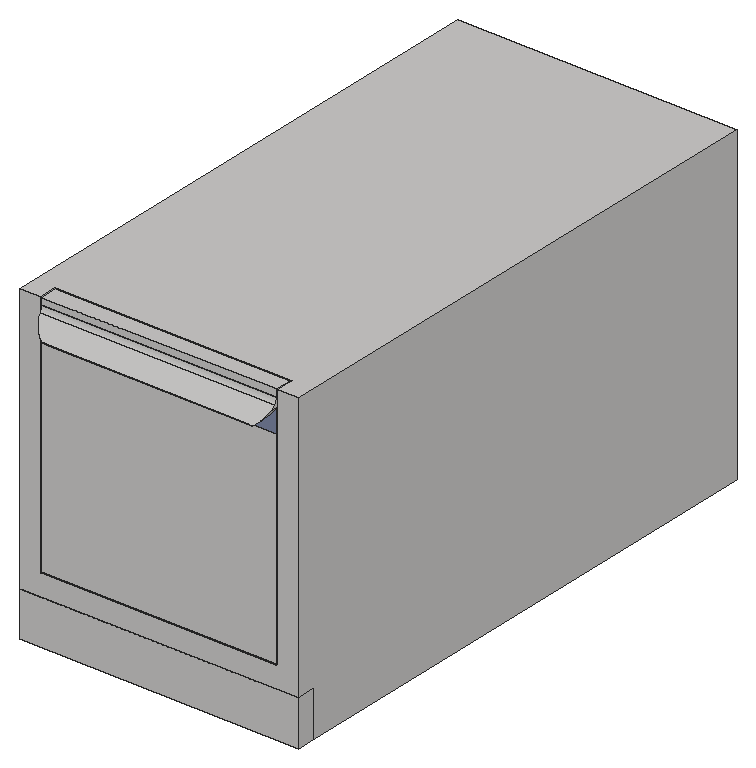
Revit family "QF_ELECTROLUXPROFESSIONAL_588644_MB1PCADOOO", category Attrezzature speciali, Revit 2020
Family settings
  Quota connettore circolare = Usa diametro
  Tipo di parte = Normale
  Basato su piano di lavoro = No
  Sempre verticale = Sì
  Taglio con vuoti quando caricato = No
  Condiviso = No
  Punto di calcolo locali = No
Parameters (values of type "Standard")
  Weight = 21.00 kg
  Watts = 0 W
  Volts = 0 V
  URL Manufacturer = "https://www.electroluxprofessional.com/"
  URL = "https://www.electroluxprofessional.com/"
  Steam Supply Size = 0"
  Steam Supply Minimum Pressure = 0.00 psi
  Steam Supply Maximum Pressure = 0.00 psi
  Steam Consumption per Hour = 0
  Refrigeration Suction Line Size = 0 mm
  Refrigeration Liquid Line Size = 0 mm
  Refrigerant Compressor Remote = yes
  Prospetto di default = 0 mm
  Phase = 0
  Modello = "MB1PCADOOO"
  Produttore = "Electrolux Professional"
  Length Actual = 400 mm  # constant formula
  Item Number = "588644"
  Hot Water Size = 0"
  Height Actual = 450 mm  # constant formula
  HP = "0 HP"
  Gas Size = 0"
  Gas KW = 0
  Gas Input Pressure = 0.0 Btu/h
  Direct Waste Size = 0"
  Descrizione = "CUPBOARD BASE,1 DOOR,1-SIDE,400X850X450H"
  Depth Actual = 850 mm  # constant formula
  Cycle = 0 Hz
  Condensate Return Size = 0"
  Compressed Air Volume = 0 GPM
  Compressed Air Size = 0"
  Compressed Air Pressure = 0.00 psi
  Cold Water Size = 0"
  Accessory = yes
Reference planes
  plane 1 "BACK": y = 0
  plane 2: z = 0
  plane 3 "LEFT": x = 0
  plane 4 "RIGHT": x = 400
  plane 5 "FRONT": y = -850
  plane 6 "PLAIN": z = 900
  plane 7 "Center (Left/Right)": x = 200
  plane 8 "Center (Front/Back)": y = -425
  plane 9 "TOP": z = 650
  plane 10 "BASE": z = 200
  plane 11: x = 322
  plane 12: x = 78
  plane 13 "Feet_back": y = -150
  plane 14 "Feet_Front": y = -720
  plane 15: x = 0
  plane 16: x = 400
  plane 17: z = 265
  plane 18: y = -45
  plane 19: y = -805
  plane 20: y = -70
  plane 21: y = -830
  plane 22 "ButtonZ": z = 590
Forms (mm)
  Extrusion 1, solid, material "QF_Finishes_Stainless Steel"
    sketch origin (0, 0, 650) x (0, 1, 0) y (0, 0, 1)
      loop
        line (-45, -450) -> (-45, 0) -> (-805, 0) -> (-805, -450) -> (-45, -450)
    from 0 to 400
  Extrusion 2, solid, material "QF_Finishes_Stainless Steel"
    sketch origin (0, 0, 650) x (0, 1, 0) y (0, 0, 1)
      loop
        line (-830, -450) -> (-805, -450) -> (-805, -385) -> (-830, -385) -> (-830, -450)
    from 0 to 400
  Extrusion 3, void
    sketch origin (0, -850, 0) x (1, 0, 0) y (0, 0, 1)
      loop
        line (0, 650) -> (0, 265) -> (400, 265) -> (400, 650) -> (0, 650)
    from 0 to -780
  Extrusion 4, solid, material "QF_Finishes_Stainless Steel"
    sketch origin (0, -850, 0) x (1, 0, 0) y (0, 0, 1)
      loop
        line (30, 650) -> (30, 627) -> (370, 627) -> (370, 650) -> (30, 650)
    from -45 to -805
  Extrusion 5, solid, material "QF_Finishes_Stainless Steel"
    sketch origin (0, -850, 0) x (1, 0, 0) y (0, 0, 1)
      loop
        line (0, 650) -> (0, 265) -> (400, 265) -> (400, 650) -> (370, 650) -> (370, 295) -> (30, 295) -> (30, 650) -> (0, 650)
    from -20 to -780
Cuts and joins
  Extrusion 3 cuts Extrusion 1
  joined: Extrusion 1, Extrusion 4, Extrusion 5
Lines and regions (mm)
  symbolic lines, style "SpecialityEquipmentHiddenLines"
    curve 1: line (0, 0, 0) -> (400, 0, 0)
    curve 2: line (0, -850, 0) -> (0, 0, 0)
    curve 3: line (400, -850, 0) -> (0, -850, 0)
    curve 4: line (400, 0, 0) -> (400, -850, 0)
Dimensions and locks
  plane 3 "LEFT" to plane 4 "RIGHT" = 400 mm
  plane 5 "FRONT" to plane 1 "BACK" = 850 mm
  equal spacing: plane 3 "LEFT", plane 7 "Center (Left/Right)", plane 4 "RIGHT"
  equal spacing: plane 5 "FRONT", plane 8 "Center (Front/Back)", plane 1 "BACK"
  plane 6 "PLAIN" to plane 9 "TOP" = 250 mm
  plane 10 "BASE" to level = 200 mm
  plane 9 "TOP" to plane 10 "BASE" = 450 mm
  locked: plane 1 "BACK" to plane 13 "Feet_back" at 150
  locked: plane 14 "Feet_Front" to plane 5 "FRONT" at 130
  locked: plane 12 to plane 3 "LEFT" at 78
  locked: plane 11 to plane 4 "RIGHT" at 78
  plane 16 to plane 15 = 400 mm
  equal spacing: plane 16, plane 7 "Center (Left/Right)", plane 15
  locked: plane 17 to plane 10 "BASE" at 65
  locked: plane 1 "BACK" to plane 18 at 45
  plane 9 "TOP" to Extrusion 4 sketch curve = 23 mm
  locked: Extrusion 4 sketch curve to plane 15 at 30
  locked: plane 16 to Extrusion 4 sketch curve at 30
  locked: Extrusion 5 sketch curve to plane 17 at 30
  plane 6 "PLAIN" to level = 900 mm
  Extrusion 5 to Extrusion 5 = 340 mm
  locked: plane 18 to plane 20 at 25
  locked: plane 21 to plane 5 "FRONT" at 20
  locked: plane 19 to plane 21 at 25
  plane 18 to plane 21 = 785 mm
  plane 22 "ButtonZ" to level = 590 mm
  aligned and locked: level to plane 2
  aligned and locked: Extrusion 1 to plane 4 "RIGHT"
  aligned and locked: Extrusion 1 to plane 3 "LEFT"
  aligned and locked: Extrusion 2 to plane 4 "RIGHT"
  aligned and locked: plane 9 "TOP" to Extrusion 3 sketch curve
  aligned and locked: Extrusion 3 sketch curve to plane 15
  aligned and locked: plane 16 to Extrusion 3 sketch curve
  aligned and locked: Extrusion 2 to plane 10 "BASE"
  aligned and locked: Extrusion 2 to plane 17
  aligned and locked: plane 17 to Extrusion 3 sketch curve
  aligned and locked: Extrusion 4 to plane 18
  aligned and locked: Extrusion 5 sketch curve to plane 15
  aligned and locked: plane 16 to Extrusion 5 sketch curve
  aligned and locked: plane 9 "TOP" to Extrusion 5 sketch curve  (x2)
  aligned and locked: plane 17 to Extrusion 5 sketch curve
  aligned and locked: Extrusion 5 sketch curve to Extrusion 4  (x2)
  aligned and locked: cut or joined group of Extrusion 1, Extrusion 3, Extrusion 4, Extrusion 5 to Extrusion 4
  aligned and locked: plane 7 "Center (Left/Right)" to nested 1
  aligned and locked: Extrusion 5 to plane 20
  aligned and locked: cut or joined group of Extrusion 1, Extrusion 3, Extrusion 4, Extrusion 5 to plane 20
  aligned and locked: cut or joined group of Extrusion 1, Extrusion 3, Extrusion 4, Extrusion 5 to plane 18
  aligned and locked: plane 19 to Extrusion 4
  aligned and locked: plane 21 to Extrusion 5
  aligned and locked: Extrusion 2 to plane 19
  aligned and locked: plane 21 to Extrusion 2
Automatic sketch dimensions
  Extrusion 1 sketch curve to plane 10 "BASE" = 0 mm
  Extrusion 1 sketch curve to plane 9 "TOP" = 0 mm
  plane 1 "BACK" to Extrusion 1 sketch curve = 45 mm
  Extrusion 1 sketch curve to plane 5 "FRONT" = 45 mm
  Extrusion 2 sketch curve to plane 5 "FRONT" = 20 mm
  Extrusion 2 sketch curve to plane 9 "TOP" = 385 mm
  plane 10 "BASE" to Extrusion 2 sketch curve = 0 mm
  Extrusion 2 sketch curve to plane 5 "FRONT" = 45 mm
  Extrusion 4 sketch curve to plane 9 "TOP" = 0 mm
  curve 3 to plane 3 "LEFT" = 0 mm
  curve 3 to plane 4 "RIGHT" = 0 mm
  plane 5 "FRONT" to curve 3 = 0 mm
  plane 1 "BACK" to curve 2 = 0 mm
Nested families
  nested 1: "H450_1DOOR" at (163.958, -805, 200) x (1, 0, 0) z (0, -1, 0), type "H450_1DOOR"
    with Width 340 mm, Show Clearance yes
Definition of nested family "H450_1DOOR"
  Parameters
    Width [instance] = 340 mm
    Show Clearance [instance] = yes
    Model = "727995"
    Height = 450 mm
    Default Elevation = 0 mm
  Reference planes
    plane 1 "Center (Front/Back)": y = 0
    plane 2: z = 0
    plane 3 "Center (Left/Right)": x = 36.042
    plane 4 "panel": z = 25
    plane 5: x = -133.958
    plane 6: x = 206.042
    plane 7: y = 450
    plane 8: z = 340
    plane 9: z = 45
    plane 10: x = -108.958
  Forms (mm)
    Extrusion 1, solid
      sketch origin (0, -919.2, 0) x (1, 0, 0) y (0, 1, 0)
        loop
          line (-980.5, 2119.2) -> (-980.5, -162.846) -> (881.94, -162.846) -> (881.94, 2119.2) -> (-980.5, 2119.2)
      from 0 to -59.546
    Extrusion 2, solid
      sketch origin (0, 0, 0) x (1, 0, 0) y (0, 1, 0)
        loop
          line (-131.958, 97) -> (204.042, 97) -> (204.042, 393) -> (-131.958, 393) -> (-131.958, 97)
      from 0 to 25
    Extrusion 3, solid
      sketch origin (0, 0, 0) x (1, 0, 0) y (0, 1, 0)
        loop
          line (-131.958, 393) -> (204.042, 393) -> (204.042, 440) -> (-131.958, 440) -> (-131.958, 393)
      from 0 to 25
    Extrusion 4, solid
      sketch origin (36.042, 0, 0) x (0, 1, 0) y (0, 0, 1)
        loop
          line (426.693, 25) -> (440.02, 25)
          arc (440.02, 25) -> (435.261, 25.775) -> (430.993, 28.02) r 15
          line (430.993, 28.02) -> (406.653, 46.362) -> (403.644, 42.369) -> (426.693, 25)
      from -168 to 168
    Extrusion 5, void
      sketch origin (72.084, 0, 0) x (-1, 0, 0) y (0, -1, 0)
        loop
          line (204.042, -426.693) -> (204.042, -403.644) -> (180.317, -403.644)
          arc (180.317, -403.644) -> (194.508, -412.772) -> (204.042, -426.693) r 42.603
      from 25 to 47.9
    Extrusion 6, solid
      sketch origin (0, 0, 0) x (1, 0, 0) y (0, 1, 0)
        loop
          line (-131.958, 440) -> (204.042, 440) -> (204.042, 450) -> (-131.958, 450) -> (-131.958, 440)
      from 0 to 25
    Extrusion 7, void
      sketch origin (0, 0, 0) x (1, 0, 0) y (0, 1, 0)
        loop
          arc (204.042, 426.693) -> (194.508, 412.772) -> (180.317, 403.644) r 42.603
          line (180.317, 403.644) -> (204.042, 403.644) -> (204.042, 426.693)
      from 25 to 47.9
    Extrusion 8, solid, detail levels coarse
      sketch origin (0, 0, 0) x (1, 0, 0) y (0, 0, 1)
        loop
          line (-133.958, 340) -> (-133.958, 25) -> (206.042, 25)
          arc (206.042, 25) -> (107.107, 241.065) -> (-108.958, 340) r 340.918
          line (-108.958, 340) -> (-133.958, 340)
      from -450 to -97
  Cuts and joins
    Extrusion 5, Extrusion 7 cuts Extrusion 4
    Extrusion 7 cuts Extrusion 3
  Lines and regions (mm)
    symbolic lines
      curve 1: line (-133.958, 0, 340) -> (-133.958, 0, 45)
      curve 2: arc (203.986, 0, 44.931) -> (99.919, 0, 248.045) -> (-108.958, 0, 340) r 340.918
      curve 3: line (-108.958, 0, 45) -> (-108.958, 0, 340)
      curve 4: line (-108.958, 0, 340) -> (-133.958, 0, 340)
  Dimensions and locks
    plane 4 "panel" to level = 25 mm
    "Width": plane 5 to plane 6
    equal spacing: plane 5, plane 3 "Center (Left/Right)", plane 6
    "Height": plane 1 "Center (Front/Back)" to plane 7
    locked: plane 5 to Extrusion 2 sketch curve at 2
    locked: plane 1 "Center (Front/Back)" to Extrusion 2 sketch curve at 97
    locked: plane 7 to Extrusion 2 sketch curve at 57
    Extrusion 3 sketch curve to Extrusion 2 = 47 mm
    locked: Extrusion 2 sketch curve to plane 6 at 2
    "Width": Extrusion 1 to plane 8
    locked: plane 10 to plane 5 at 25
    aligned and locked: plane 2 to Extrusion 1
    aligned and locked: level to Extrusion 1
    aligned and locked: plane 4 "panel" to Extrusion 2
    aligned and locked: plane 4 "panel" to Extrusion 3
    aligned and locked: Extrusion 4 to Extrusion 3
    aligned and locked: Extrusion 3 to Extrusion 4
    aligned and locked: Extrusion 3 to Extrusion 2
    aligned and locked: cut or joined group of Extrusion 4, Extrusion 5, Extrusion 7 to plane 4 "panel"
    aligned and locked: plane 7 to Extrusion 6 sketch curve
    aligned and locked: plane 4 "panel" to Extrusion 6
    aligned and locked: Extrusion 2 to Extrusion 6
    aligned and locked: Extrusion 7 sketch curve to Extrusion 2
    aligned and locked: Extrusion 2 to cut or joined group of Extrusion 4, Extrusion 5, Extrusion 7
    aligned and locked: plane 5 to Extrusion 8 sketch curve
    aligned and locked: plane 4 "panel" to Extrusion 8 sketch curve
    aligned and locked: plane 7 to Extrusion 8
    aligned and locked: Extrusion 2 to Extrusion 8
  Automatic sketch dimensions
    Extrusion 1 sketch curve to Extrusion 1 sketch curve = 1862.44 mm
    Extrusion 1 sketch curve to Extrusion 1 sketch curve = 2282.046 mm
    plane 5 to Extrusion 3 sketch curve = 2 mm
    Extrusion 3 sketch curve to plane 6 = 2 mm
    Extrusion 3 sketch curve to Extrusion 3 sketch curve = 47 mm
    Extrusion 4 sketch curve to plane 4 "panel" = 0 mm
    plane 4 "panel" to Extrusion 4 sketch curve = 17.369 mm
    Extrusion 4 sketch curve to plane 7 = 46.356 mm
    plane 4 "panel" to Extrusion 4 sketch curve = 21.362 mm
    Extrusion 4 sketch curve to Extrusion 4 sketch curve = 3.009 mm
    plane 4 "panel" to Extrusion 4 sketch curve = 3.02 mm
    Extrusion 4 sketch curve to Extrusion 4 sketch curve = 9.027 mm
    plane 7 to Extrusion 5 sketch curve = 6.671 mm
    Extrusion 5 sketch curve to plane 5 = 41.221 mm
    Extrusion 5 sketch curve to plane 5 = 25.725 mm
    Extrusion 5 sketch curve to plane 5 = 2 mm
    plane 7 to Extrusion 5 sketch curve = 23.307 mm
    plane 5 to Extrusion 6 sketch curve = 2 mm
    Extrusion 6 sketch curve to plane 6 = 2 mm
    Extrusion 6 sketch curve to plane 7 = 10 mm
    Extrusion 7 sketch curve to Extrusion 7 sketch curve = 23.725 mm
    Extrusion 7 sketch curve to plane 7 = 6.671 mm
    Extrusion 7 sketch curve to plane 6 = 41.221 mm
    Extrusion 7 sketch curve to plane 7 = 23.307 mm
    curve 4 to plane 5 = 0 mm
    curve 3 to plane 8 = 0 mm
    plane 10 to curve 4 = 0 mm
    curve 2 to level = 0 mm
    curve 1 to plane 9 = 0 mm
    curve 3 to plane 9 = 0 mm
    curve 2 to plane 9 = 0.069 mm
    curve 2 to plane 5 = 0 mm
    Extrusion 8 sketch curve to level = 0 mm
    Extrusion 8 sketch curve to plane 5 = 0 mm
    Extrusion 8 sketch curve to plane 8 = 0 mm
    Extrusion 8 sketch curve to plane 6 = 0 mm
